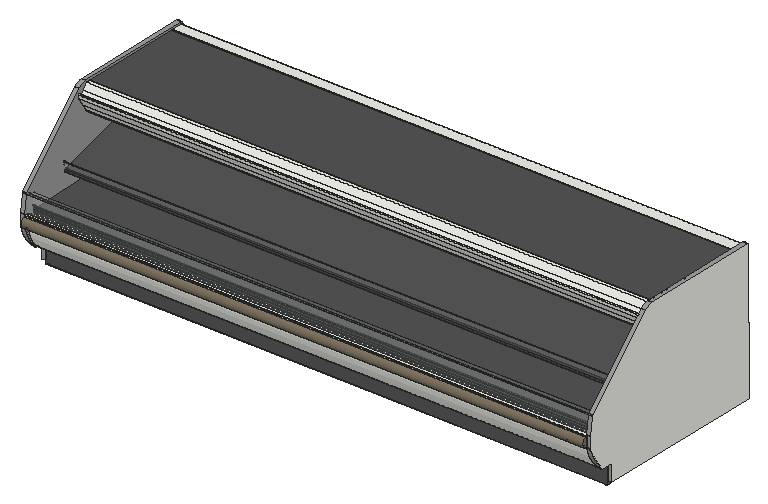
Revit family "CR3-P_2014", category Specialty Equipment, Revit 2014 (continued)
Definition of nested family "Light"
  Reference planes (in)
    plane 4 "Light Source Elevation": z = 52.5
    plane 5: z = 0
    plane 6 "Left": x = -12
    plane 7 "Right": x = 12
  Lines and regions (in)
    model lines
      curve 1: line (-12, -8.60801, 52.5) -> (12, -8.60801, 52.5)
  Dimensions and locks (in)
    equal spacing: plane 7 "Right", plane 3 "Light Source Axis (L/R)", plane 6 "Left"
    "Length": plane 7 "Right" to plane 6 "Left"
    aligned and locked: plane 3 "Light Source Axis (L/R)" to imposter light
    aligned and locked: plane 1 "Light Source Axis (F/B)" to imposter light
    aligned and locked: plane 4 "Light Source Elevation" to imposter light
    aligned and locked: level to plane 5
  Automatic sketch dimensions
    plane 1 "Light Source Axis (F/B)" to curve 1 = 0"
    curve 1 to plane 6 "Left" = 0"
    curve 1 to plane 7 "Right" = 0"
Types (6): name | Width | Upper Drain | Number of Supports | Model URL | Lower Drain | 8 Case | 6 Case | 5 Case | 4 Case | 12 Case | 10 Case
  12'-0" Length | 144" | 77" | 4 | "http://www.hussmann.com/en/product%20viewer/display-cases/R3P,%20CR3P" | 65" | no | no | no | no | yes | no
  8'-0" Length | 96" | 56" | 3 | "http://www.hussmann.com/en/product%20viewer/display-cases/R3P,%20CR3P" | 53" | yes | no | no | no | no | no
  6'-0" Length | 72" | 44" | 3 | "http://www.hussmann.com/en/product%20viewer/display-cases/R3P,%20CR3P" | 41" | no | yes | no | no | no | no
  4'-0" Length | 48" | 32" | 2 | "http://www.hussmann.com/en/product%20viewer/display-cases/R3P,%20CR3P" | 7" | no | no | no | yes | no | no
  5'-0" Length | 60" | 44" | 2 | "http://www.hussmann.com/en/product%20viewer/display-cases/R3P,%20CR3P" | 41" | no | no | yes | no | no | no
  10'-0" Length | 120" | 56" | 3 | "http://www.hussmann.com/en/product%20viewer/display-cases/R3M,%20CR3M,%20R3F,%20CR3F" | 53" | no | no | no | no | no | yes
